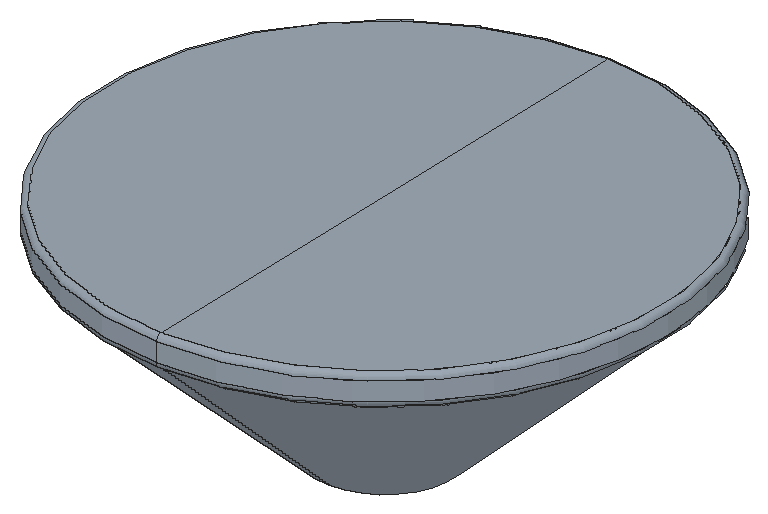
Revit family "Faucet-Handle-KOHLER-Core-K-EX36796T", category Specialty Equipment, host Face, Revit 2021
Family settings
  Host = Face
  Round Connector Dimension = Use Diameter
  Part Type = Normal
  OmniClass Number = 23.31.25.00
  Cut with Voids When Loaded = No
  Shared = No
  Room Calculation Point = No
Parameters (values of type "2BP-Blue")
  Width = 2.59843"  # constant formula
  WaterSense Certified = 1 = 0  # no
  URL = "https://www.us.kohler.com/us/"
  Type = 1
  Product Page URL = ""
  Product Name = "Core"  # constant formula
  Product Documentation Link = ""
  Plug Finish = Silicone-Pantone-423C
  Model = if(Type = 1, "K-EX36796T-9-2BP", if(Type = 2, "K-EX36796T-9-BPT", if(Type = 3, "K-EX36796T-9-WPL", "NA")))  # "K-EX36796T-9-2BP"
  Material = "Plastic"  # constant formula
  Master Format 2014 Name = "Toilet, Bath, and Laundry Accessories"  # constant formula
  Master Format 2014 = "10 28 00"  # constant formula
  Manufacturer Address = "Kohler Beijing Office (100016) 36-2-03-B, No. 88, Liuxiang Road, Beijing"  # constant formula
  Manufacturer = "Kohler Co."  # constant formula
  Length = 2.59843"  # constant formula
  Height = 1.06299"  # constant formula
  Handle Clearance = 2.59843"  # constant formula
  Finish = Kohler-Plastic-2BP-Blue
  Environmental Product Declaration = ""
  Description = "Handle"  # constant formula
  Default Elevation = 42"
  Declare Label = ""
  Date Modified = "09/03/2024"  # constant formula
  Date Created = "09/03/2024"  # constant formula
  Copyright = "Copyright Kohler Co."  # constant formula
  Contact Us = "https://www.us.kohler.com/us/static/contact.jsp"
  Assembly Code = "C1030200"
  ADA Compliant = 1 = 0  # no
Types (4): name | URL | Type | Plug Finish | Model | Finish | Contact Us
  (no name) | "https://www.us.kohler.com/us/" | 1 | Silicone-Pantone-423C | "K-EX36796T-9-2BP" | Kohler-Plastic-2BP-Blue | "https://www.us.kohler.com/us/static/contact.jsp"
  2BP-Blue | "https://www.us.kohler.com/us/" | 1 | Silicone-Pantone-423C | "K-EX36796T-9-2BP" | Kohler-Plastic-2BP-Blue | "https://www.us.kohler.com/us/static/contact.jsp"
  BPT-Black | "https://www.us.kohler.com/us/" | 2 | Plastic-Pantone-Black_C | "K-EX36796T-9-BPT" | Kohler-Plastic-BPT-Black | "https://www.us.kohler.com/us/static/contact.jsp"
  WPL-White | "http://www.kohler.com.cn/" | 3 | Silicone-Pantone-423C | "K-EX36796T-9-WPL" | Kohler-Plastic-WPL-White | "http://www.kohler.com.cn/contact/contact-us/"
Reference planes (in)
  plane 1 "Center (Front/Back)": y = 0
  plane 2: z = 0
  plane 3 "Center (Left/Right)": x = 0
  plane 4: z = 1.06299
  plane 5: y = 1.29921
  plane 6: y = -1.29921
  plane 7: x = -1.29921
  plane 8: x = 1.29921
Dimensions and locks (in)
  "Width": plane 7 to plane 8
  "Length": plane 5 to plane 6
  "Height": plane 4 to level
  plane 7 to plane 8 = 2.59843"
  aligned and locked: plane 2 to host face
  aligned and locked: level to host face
  aligned and locked: plane 3 "Center (Left/Right)" to nested 1
  aligned and locked: plane 1 "Center (Front/Back)" to nested 1
Automatic sketch dimensions
  host sketch curve to host sketch curve = 96"  (x2)
Nested families (in)
  nested 1: "K-EX36796T" at (0, 0, 0), type "K-EX36796T"
Definition of nested family "K-EX36796T"
  Parameters (values of type "K-EX36796T")
    Plug Material = none
    Pattern = yes
    Material = none
    Default Elevation = 0"
  Reference planes (in)
    plane 1 "Center (Front/Back)": y = 0
    plane 2: z = 0
    plane 3 "Center (Left/Right)": x = 0
    plane 4: y = 0.7874
    plane 5: y = -0.7874
    plane 6: x = -0.35433
    plane 7: x = 0.35433
    plane 8: x = 1.29921
    plane 9: x = -1.29921
    plane 10: y = 1.29921
    plane 11: y = 1.02362
    plane 12: y = -1.02362
    plane 13 "DR": through (0.70765, 0.70925, 48) normal (-0.7071, 0.7071, 0)
    plane 14: x = -0.78127
    plane 15: x = 0.78127
    plane 16: z = 0
    plane 17: x = -1.02338
    plane 18: x = 1.02338
    plane 19: z = 1.06299
    plane 20: y = -1.29921
  Forms (in)
    Revolve 1, solid, material <- "Material"
      sketch origin (0, 0, 0) x (0, 1, 0) y (0, 0, 1)
        loop
          line (0, 0) -> (0.31623, 0) -> (1.26068, 0.88934)
          arc (1.26068, 0.88934) -> (1.26388, 0.90376) -> (1.25166, 0.91206) r 0.01315
          line (1.25166, 0.91206) -> (0, 0.91206) -> (0, 0)
        axis (0, 0.91206) -> (0, 0)
      angle from 0 to 360
    Revolve 2, solid, material <- "Material"
      sketch origin (0, 0, 0) x (0, 1, 0) y (0, 0, 1)
        loop
          arc (1.28213, 0.91206) -> (1.30061, 0.91972) -> (1.30827, 0.9382) r 0.02614
          line (1.30827, 0.9382) -> (1.30827, 1.02397)
          arc (1.30827, 1.02397) -> (1.30027, 1.04328) -> (1.28095, 1.05129) r 0.02732
          line (1.28095, 1.05129) -> (0, 1.05129) -> (0, 0.91206) -> (1.28213, 0.91206)
        axis (0, 0.91206) -> (0, 1.05129)
      angle from 0 to 360
    Extrusion 3, void
      sketch origin (0, 0, 0) x (1, 0, 0) y (0, 0, 1)
        loop
          circle (0, 0.26772) r 0.1378
      from -0.82678 to -0.19852
    Extrusion 4, solid, material <- "Plug Material"
      sketch origin (0, 0, 0) x (1, 0, 0) y (0, 0, 1)
        loop
          circle (0, 0.26772) r 0.1378
      from -1.17149 to -0.19852
    Revolve 5, void
      sketch origin (0, 0, 0) x (0, 1, 0) y (0, 0, 1)
        loop
          line (1.44827, 0) -> (1.44827, 0.91206) -> (1.2848, 0.91206) -> (0.31623, 0) -> (1.44827, 0)
        axis (0, 0.91206) -> (0, 0)
      angle from 0 to 360
  Cuts and joins
    Extrusion 3 cuts Revolve 1
    Revolve 5 cuts Extrusion 4
  Lines and regions (in)
    Masking region 1
      outline origin (0, 0, 0) x (1, 0, 0) y (0, 1, 0)
        loop
          arc (-0.07639, -1.29694) -> (1.1857, -0.53167) -> (0.91761, 0.91977) r 1.29907
          arc (0.91761, 0.91977) -> (-1.185, 0.53139) -> (-0.07639, -1.29694) r 1.29907
    Masking region 2
      outline origin (0, 0, -6.10236) x (0, 1, 0) y (0, 0, 1)
        loop
          line (-0.31623, 6.10236) -> (0.31623, 6.10236) -> (1.28633, 7.01586)
          arc (1.28633, 7.01586) -> (1.29585, 7.02944) -> (1.29921, 7.04569) r 0.04097
          line (1.29921, 7.04569) -> (1.29921, 7.14197) -> (1.27582, 7.16535) -> (0, 7.16535) -> (-1.27582, 7.16535) -> (-1.29921, 7.14197) -> (-1.29921, 7.04569)
          arc (-1.29921, 7.04569) -> (-1.29585, 7.02944) -> (-1.28633, 7.01586) r 0.04097
          line (-1.28633, 7.01586) -> (-0.31623, 6.10236)
    Masking region 3
      outline origin (0, 0, -6.10236) x (1, 0, 0) y (0, 0, 1)
        loop
          line (0, 7.16535) -> (-1.27057, 7.16535) -> (-1.29921, 7.13671) -> (-1.29921, 7.05261)
          arc (-1.29921, 7.05261) -> (-1.29506, 7.03236) -> (-1.28327, 7.01539) r 0.0514
          line (-1.28327, 7.01539) -> (-0.32527, 6.10236) -> (0.32527, 6.10236) -> (1.28327, 7.01539)
          arc (1.28327, 7.01539) -> (1.29506, 7.03236) -> (1.29921, 7.05261) r 0.0514
          line (1.29921, 7.05261) -> (1.29921, 7.13671) -> (1.27057, 7.16535) -> (0, 7.16535)
    symbolic lines, detail levels medium+fine
      curve 1: arc (-0.09957, -1.29525, 0) -> (0.11917, -1.2937, 0) -> (0.33454, -1.25548, 0) r 1.29943
      curve 2: circle (0, 0, 0) r 1.27953 normal (0, 0, 1)
      curve 3: arc (-0.33454, -1.25515, 0) -> (-0.21798, -1.2806, 0) -> (-0.09957, -1.29525, 0) r 1.29916
      curve 4: line (0, 1.29921, 1.0396) -> (0, -1.29921, 1.0396)
      curve 5: line (0, 1.29921, 0.94333) -> (0, -1.29921, 0.94333)
      curve 6: line (0, 1.28633, 0.9135) -> (0, -1.28633, 0.9135)
      curve 7: line (0, 0.25852, 0) -> (0, -0.25852, 0)
      curve 8: line (-1.29921, 0, 1.03435) -> (1.29921, 0, 1.03435)
      curve 9: line (-1.29921, 0, 0.95024) -> (1.29921, 0, 0.95024)
      curve 10: line (-1.28327, 0, 0.91303) -> (1.28327, 0, 0.91303)
      curve 11: line (-0.2702, 0, 0) -> (0.2702, 0, 0)
      curve 12: line (0, -1.27953, 0) -> (0, 1.27953, 0)
      curve 13: line (0, -1.27953, 0) -> (-0.17808, 1.26708, 0)
      curve 14: line (0, -1.27953, 0) -> (-0.35433, 1.22949, 0)
      curve 15: line (0, -1.27953, 0) -> (-0.52043, 1.16891, 0)
      curve 16: line (0, -1.27953, 0) -> (-0.67805, 1.0851, 0)
      curve 17: line (0, -1.27953, 0) -> (-0.82246, 0.98017, 0)
      curve 18: line (0, -1.27953, 0) -> (-0.95087, 0.85617, 0)
      curve 19: line (0, -1.27953, 0) -> (-1.06078, 0.7155, 0)
      curve 20: line (0, -1.27953, 0) -> (-1.16891, 0.52043, 0)
      curve 21: line (0, -1.27953, 0) -> (-1.24659, 0.28843, 0)
      curve 22: line (0, -1.27953, 0) -> (-1.27953, 0, 0)
      curve 23: line (0, -1.27953, 0) -> (-1.24152, -0.30955, 0)
      curve 24: line (0, -1.27953, 0) -> (-1.1081, -0.63976, 0)
      curve 25: line (0, -1.27953, 0) -> (-0.76772, -1.02362, 0)
      curve 26: line (0, -1.27953, 0) -> (0.17808, 1.26708, 0)
      curve 27: line (0, -1.27953, 0) -> (0.35433, 1.22949, 0)
      curve 28: line (0, -1.27953, 0) -> (0.52043, 1.16891, 0)
      curve 29: line (0, -1.27953, 0) -> (0.67805, 1.0851, 0)
      curve 30: line (0, -1.27953, 0) -> (0.82246, 0.98017, 0)
      curve 31: line (0, -1.27953, 0) -> (0.95087, 0.85617, 0)
      curve 32: line (0, -1.27953, 0) -> (1.06078, 0.7155, 0)
      curve 33: line (0, -1.27953, 0) -> (1.16891, 0.52043, 0)
      curve 34: line (0, -1.27953, 0) -> (1.24659, 0.28843, 0)
      curve 35: line (0, -1.27953, 0) -> (1.27953, 0, 0)
      curve 36: line (0, -1.27953, 0) -> (1.24152, -0.30955, 0)
      curve 37: line (0, -1.27953, 0) -> (1.1081, -0.63976, 0)
      curve 38: line (0, -1.27953, 0) -> (0.76772, -1.02362, 0)
  Dimensions and locks (in)
    Masking region 3 sketch curve to Masking region 3 sketch curve to Masking region 3 sketch curve to Masking region 3 sketch curve = 0.08411", 0.03721", 0.91303"
    Masking region 3 sketch curve to Masking region 3 sketch curve to Masking region 3 sketch curve = 0.08411", 0.03721"
    Revolve 2 sketch curve to Revolve 2 sketch curve to Revolve 2 sketch curve to Revolve 2 sketch curve = 0.02732", 0.08577", 0.02614"
    aligned and locked: plane 2 to level
